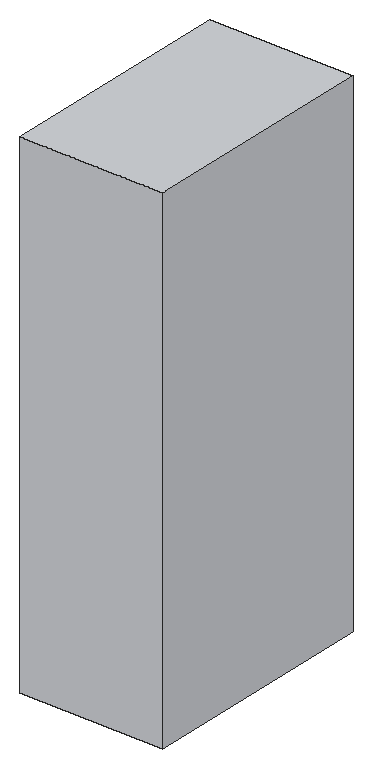
Revit family "第二期車站06_RTU機櫃_600x1000x2100", category 電氣設備, Revit 2025
Family settings
  面板規劃 = 兩欄，回路穿越
  圓形接點標註 = 使用直徑
  組件類型 = 分電盤
  OmniClass 編號 = 23.80.30.11.17
  OmniClass 標題 = Distribution Boards and Control Panels
  以工作平面為基礎 = 否
  總是垂直 = 是
  載入時使用空心切割 = 否
  維持標註方位 = 否
  共用 = 否
  房間計算點 = 否
Parameters (values of type "RTU 與網路機櫃")
  built-in parameter 1155100 [instance] = -1
  Default Elevation = 0 mm
  built-in parameter 1140142 [instance] = -1
  SCADA_高mm [instance] = "2100"
  SCADA_附錄F項次 [instance] = "24"
  SCADA_附錄D項次 [instance] = "15"
  SCADA_編號 [instance] = "P2S06-COMS-RTU-01"
  SCADA_站點 [instance] = "車站 6"
  SCADA_深mm [instance] = "1000"
  SCADA_機櫃類型 [instance] = "RTU 與網路機櫃"
  SCADA_期別 [instance] = "第二期"
  SCADA_房間 [instance] = "COMS/SCADA 設備室"
  SCADA_建物 [instance] = "車站"
  SCADA_尺寸 [instance] = "600W×1000D×2100H"
  SCADA_寬mm [instance] = "600"
  SCADA_定位來源 [instance] = "獨立設備族群（載入專案後定位）"
  SCADA_備註 [instance] = ""
  SCADA_來源文件 [instance] = "Installation SoW_V6（Rev.006, 2026-07-02）附錄 D / F；依原文顏色標示排除已刪除項目"
  SCADA_UPS電源110V [instance] = "雙 UPS 電源（2×4500VA）"
  built-in parameter 1140140 [instance] = 1 (stored number, unit not read)
Reference planes
  plane 1 "中心 (前/後)": y = 0
  plane 2: z = 0
  plane 3 "中心 (左/右)": x = 0
Forms (mm)
  Extrusion 1, solid
    sketch origin (0, 0, 0) x (1, 0, 0) y (0, 1, 0)
      loop
        line (-300, -500) -> (300, -500) -> (300, 500) -> (-300, 500) -> (-300, -500)
    from 0 to 2100
Lines and regions (mm)
  model lines, style "開門線"
    curve 1: line (300, -500, 0) -> (300, -1100, 0)
    curve 2: arc (-300, -500, 0) -> (-124.264, -924.264, 0) -> (300, -1100, 0) r 600
    curve 3: line (-300, 500, 0) -> (-300, 1100, 0)
    curve 4: arc (300, 500, 0) -> (124.264, 924.264, 0) -> (-300, 1100, 0) r 600
Dimensions and locks
  aligned and locked: level to plane 2
